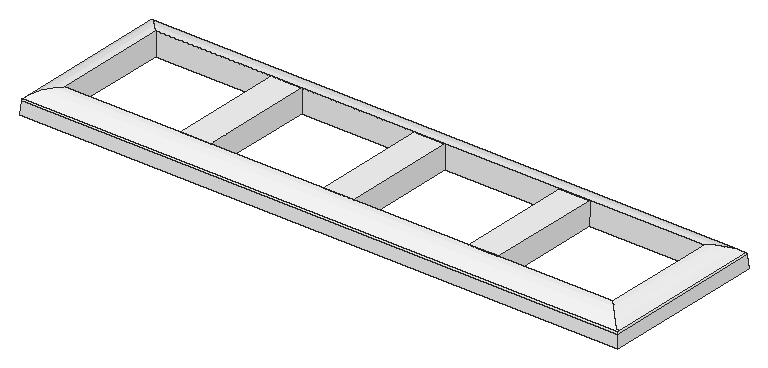
Revit family "Gira_021404", category Electrical Fixtures, host Face, Revit 2017
Family settings
  Host = Face
  Maintain Annotation Orientation = No
  Round Connector Dimension = Use Diameter
  Part Type = Normal
  Cut with Voids When Loaded = No
  Shared = No
  Room Calculation Point = No
Parameters (values of type "Cov.fr. 4-g Standard 55 p.white m")
  With mounting grid = "No"
  With hinged lid = "No"
  URL = "http://katalog.gira.de/en/datenblatt.html?artikelnr=021404"
  Type of fastening = "Clamp mounting"
  Transparent = "No"
  Surface protection = "Other"
  Surface finishing = "Matt"
  Suitable for wall duct = "No"
  Suitable for flush-mounted installation = "Yes"
  Suitable for floor box = "No"
  Suitable for built-in installation = "No"
  RAL-number (akin) = "9010"
  Number of units vertical = "4"
  Number of units horizontal = "4"
  Number of units = "4"
  Name = "Cov.fr. 4-g Standard 55 p.white m"
  Mounting direction = "Horizontal and vertical"
  Material quality = "Thermoplastic"
  Material = "Plastic"
  Manufacturer URL = "https://www.gira.de/"
  Manufacturer = "Gira"
  Label space/information surface = "No"
  Keynote = ""
  HeinzeBIM = "https://bimportal.heinze.de/bim/cov-fr-4-g-standard-55-p-white-m/2fce07ac807eafb5a604ea0754c455def517005b"
  Halogen free = "Yes"
  HAN = "021404"
  GTIN = "4010337214045"
  Description = "Cov.fr.4g Std55 PWm,Gira Standard 55 cover frame,pure white matt,4-gang,Features:,- Shatter-proof.,,Notes :,- Also suitable for duct installation.,- In connection with the seal kit, frame (1-gang to 5-gang) is also suitable for installation as water-protected flush-mounted IP44."
  Degree of protection (IP) = "IP20"
  Default Elevation = 1219.2 mm
  Data sheet (1) = "https://katalog.gira.de/en/download.html?artikelnr=021404"
  Colour = "White"
  Category = "Cover frame for domestic switching devices"
  BIM (1) = "https://media.stage.bim.site/public/gira/36a6b08/Std55_Rahmen_4fach.rfa"
  Available = "No"
Reference planes
  plane 1 "Center (Front/Back)": y = 0
  plane 2: z = 0
  plane 3 "Center (Left/Right)": x = 0
  plane 4: x = -40.3
  plane 5: x = 40.3
  plane 6: y = -147.3
  plane 7: y = 147.3
  plane 8: y = -71.3
  plane 9: y = 71.3
Forms (mm)
  Sweep 1, solid, material "White", detail levels fine
    path origin (0, 0, 0) x (0, -1, 0) y (1, 0, 0)
      loop
        line (40.3, 147.3) -> (-40.3, 147.3) -> (-40.3, -147.3) -> (40.3, -147.3) -> (40.3, 147.3)
    profile origin (147.3, 0, 0) x (-1, 0, 0) y (0, 0, 1)
      loop
        arc (12.22, 11.373) -> (5.983, 10.294) -> (0.641, 6.901) r 16.145
        arc (0.641, 6.901) -> (0.395, 6.426) -> (0.309, 5.898) r 1.694
        line (0.309, 5.898) -> (0, 0) -> (12.319, 0) -> (12.22, 11.373)
  Extrusion 2, solid, material "White", detail levels fine
    sketch origin (-70.7, 0, 0) x (1, 0, 0) y (0, 0, 1)
      loop
        line (7.4, 0) -> (7.4, 11.373) -> (-7.4, 11.373) -> (-7.4, 0) -> (7.4, 0)
    from -28.08 to 28.08
  Extrusion 3, solid, material "White", detail levels fine
    sketch origin (71.3, 0, 0) x (1, 0, 0) y (0, 0, 1)
      loop
        line (7.4, 0) -> (7.4, 11.373) -> (-7.4, 11.373) -> (-7.4, 0) -> (7.4, 0)
    from -28.08 to 28.08
  Extrusion 4, solid, material "White", detail levels fine
    sketch origin (0, 0, 0) x (1, 0, 0) y (0, 0, 1)
      loop
        line (7.4, 0) -> (7.4, 11.373) -> (-7.4, 11.373) -> (-7.4, 0) -> (7.4, 0)
    from -28.08 to 28.08
  Extrusion 5, solid, material "White", detail levels coarse+medium
    sketch origin (0, 0, 0) x (0, -1, 0) y (1, 0, 0)
      loop
        line (-40.3, 147.3) -> (-40.3, -147.3) -> (40.3, -147.3) -> (40.3, 147.3) -> (-40.3, 147.3)
    from 0 to 11.373
Dimensions and locks
  aligned and locked: plane 2 to host face
  aligned and locked: level to host face
